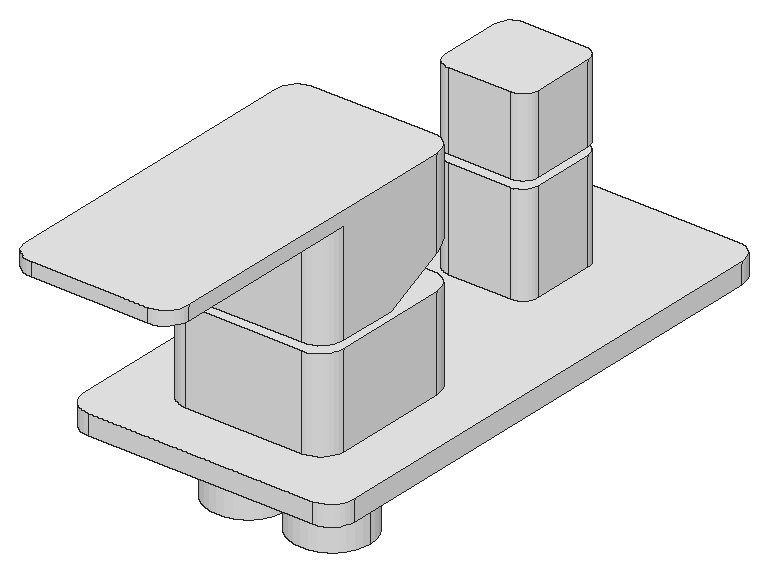
Revit family "Mixer-Bath Shower-Dorf Epic with Diverter1", category Plumbing Fixtures, host Face, Revit 2012
Parameters (values of type "Epic Bath/Shower Mixer with Diverter")
  Waste Connection = no
  Vent Connection = no
  URL = "http://www.dorf.com.au/"
  Type Comments = "Epic Bath/Shower Mixer with Diverter"  # constant formula
  Spout = 125 mm  # constant formula
  Model = "6405.04"
  Material_ANZRS = Metal-Chrome-Caroma
  Manufacturer = "Dorf"  # constant formula
  Height = 29 mm  # constant formula
  HWFU = 2
  HW Connection = yes
  Description = "Fully featured cartridge, Chrome finish"  # constant formula
  Default Elevation = 900 mm
  CreatedBy_ANZRS = "Design Content"  # constant formula
  CreatedByURL_ANZRS = "www.designcontent.com.au"
  Cost = 0
  Connector Radius = 10 mm  # constant formula
  CWFU = 2
  CW Connection = yes
  Assembly Code = "D2020300"
Reference planes
  plane 1 "Center (Front/Back)": y = 0
  plane 2: z = 0
  plane 3 "Center (Left/Right)": x = 0
  plane 4: z = 29
  plane 5: z = 61
  plane 6: z = 57.426
  plane 7: z = 31
  plane 8: z = 48.067
  plane 9: z = 40.785
  plane 10: y = -70.985
  plane 11: y = -35
  plane 12: z = 5.2
  plane 13: y = 102.03
  plane 14: y = 79.03
  plane 15: y = 55.03
  plane 16: x = -12
  plane 17: x = 12
  plane 18: z = 31
  plane 19: z = 33.05
  plane 20: z = 53.05
  plane 21: y = 67.03
Forms (mm)
  Extrusion 1, solid, material "Metal-Chrome-Caroma" <- "Material_ANZRS", detail levels fine
    sketch origin (0, 0, 0) x (1, 0, 0) y (0, 1, 0)
      loop
        arc (-29, 102.03) -> (-33.243, 100.273) -> (-35, 96.03) r 6
        line (-35, 96.03) -> (-35, -29)
        arc (-35, -29) -> (-33.243, -33.243) -> (-29, -35) r 6
        line (-29, -35) -> (29, -35)
        arc (29, -35) -> (33.243, -33.243) -> (35, -29) r 6
        line (35, -29) -> (35, 96.03)
        arc (35, 96.03) -> (33.243, 100.273) -> (29, 102.03) r 6
        line (29, 102.03) -> (-29, 102.03)
    from 0 to 5.2
  Extrusion 2, solid, material "Metal-Chrome-Caroma" <- "Material_ANZRS", detail levels fine
    sketch origin (0, 0, 0) x (1, 0, 0) y (0, 1, 0)
      loop
        arc (-15, 21.015) -> (-19.243, 19.258) -> (-21, 15.015) r 6
        line (-21, 15.015) -> (-21, -15.015)
        arc (-21, -15.015) -> (-19.243, -19.258) -> (-15, -21.015) r 6
        line (-15, -21.015) -> (15, -21.015)
        arc (15, -21.015) -> (19.243, -19.258) -> (21, -15.015) r 6
        line (21, -15.015) -> (21, 15.015)
        arc (21, 15.015) -> (19.243, 19.258) -> (15, 21.015) r 6
        line (15, 21.015) -> (-15, 21.015)
    from 3.5 to 29
  Revolve 3, solid, material "Metal-Chrome-Caroma" <- "Material_ANZRS", detail levels fine
    sketch origin (0, 0, 0) x (0, 1, 0) y (0, 0, 1)
      loop
        arc (18.208, 29) -> (12.598, 41.372) -> (0, 46.455) r 18.274
        line (0, 46.455) -> (0, 29) -> (18.208, 29)
      axis (0, 46.455) -> (0, 29)
    angle from 0 to 360
  Extrusion 4, solid, material "Metal-Chrome-Caroma" <- "Material_ANZRS", detail levels fine
    sketch origin (0, 0, 0) x (1, 0, 0) y (0, 1, 0)
      loop
        arc (-15, 21.015) -> (-19.243, 19.258) -> (-21, 15.015) r 6
        line (-21, 15.015) -> (-21, -64.985)
        arc (-21, -64.985) -> (-19.243, -69.228) -> (-15, -70.985) r 6
        line (-15, -70.985) -> (15, -70.985)
        arc (15, -70.985) -> (19.243, -69.228) -> (21, -64.985) r 6
        line (21, -64.985) -> (21, 15.015)
        arc (21, 15.015) -> (19.243, 19.258) -> (15, 21.015) r 6
        line (15, 21.015) -> (-15, 21.015)
    from 57.426 to 61
  Extrusion 5, void
    sketch origin (271, 15, 0) x (0, 1, 0) y (0, 0, -1)
      loop
        line (6.015, -40.785) -> (6.015, -31) -> (-15, -31) -> (6.015, -40.785)
    from 250 to 292
  Extrusion 6, solid, material "Metal-Chrome-Caroma" <- "Material_ANZRS", detail levels fine
    sketch origin (0, 0, 0) x (1, 0, 0) y (0, 1, 0)
      loop
        arc (-15, 21.015) -> (-19.243, 19.258) -> (-21, 15.015) r 6
        line (-21, 15.015) -> (-21, -15.015)
        arc (-21, -15.015) -> (-19.243, -19.258) -> (-15, -21.015) r 6
        line (-15, -21.015) -> (15, -21.015)
        arc (15, -21.015) -> (19.243, -19.258) -> (21, -15.015) r 6
        line (21, -15.015) -> (21, 15.015)
        arc (21, 15.015) -> (19.243, 19.258) -> (15, 21.015) r 6
        line (15, 21.015) -> (-15, 21.015)
    from 31 to 61
  Revolve 7, solid, material "Metal-Chrome-Caroma" <- "Material_ANZRS", detail levels fine
    sketch origin (0, 0, -2.135) x (0, -1, 0) y (0, 0, -1)
      loop
        arc (22.115, -48.067) -> (21.831, -46.05) -> (21, -44.191) r 7.295
        line (21, -44.191) -> (21, -48.067) -> (22.115, -48.067)
      axis (22.115, -48.067) -> (21, -48.067)
    angle from 0 to 360
  Extrusion 8, solid, material "Metal-Chrome-Caroma" <- "Material_ANZRS", detail levels fine
    sketch origin (0, 0, 0) x (1, 0, 0) y (0, 1, 0)
      loop
        arc (-12, 59.03) -> (-10.828, 56.202) -> (-8, 55.03) r 4
        line (-8, 55.03) -> (8, 55.03)
        arc (8, 55.03) -> (10.828, 56.202) -> (12, 59.03) r 4
        line (12, 59.03) -> (12, 75.03)
        arc (12, 75.03) -> (10.828, 77.858) -> (8, 79.03) r 4
        line (8, 79.03) -> (-8.019, 79.03)
        arc (-8.019, 79.03) -> (-10.834, 77.864) -> (-12, 75.049) r 3.981
        line (-12, 75.049) -> (-12, 59.03)
    from 5.2 to 31
  Extrusion 9, solid, material "Metal-Chrome-Caroma" <- "Material_ANZRS", detail levels fine
    sketch origin (0, 0, 33.145) x (1, 0, 0) y (0, 1, 0)
      loop
        arc (-12, 59.03) -> (-10.828, 56.202) -> (-8, 55.03) r 4
        line (-8, 55.03) -> (8, 55.03)
        arc (8, 55.03) -> (10.828, 56.202) -> (12, 59.03) r 4
        line (12, 59.03) -> (12, 75.03)
        arc (12, 75.03) -> (10.828, 77.858) -> (8, 79.03) r 4
        line (8, 79.03) -> (-8.019, 79.03)
        arc (-8.019, 79.03) -> (-10.834, 77.864) -> (-12, 75.049) r 3.981
        line (-12, 75.049) -> (-12, 59.03)
    from -0.095 to 19.905
  Extrusion 10, solid, material "Metal-Chrome-Caroma" <- "Material_ANZRS", detail levels fine
    sketch origin (0, 0, 0) x (1, 0, 0) y (0, 1, 0)
      loop
        circle (0, 67.03) r 8.788
    from 31 to 33.05
  Extrusion 11, solid, material "Metal-Chrome-Caroma" <- "Material_ANZRS"
    sketch origin (21.7, 0, 0) x (1, 0, 0) y (0, 1, 0)
      loop
        circle (-10.825, -6.25) r 10
    from -20 to 0
  Extrusion 12, solid, material "Metal-Chrome-Caroma" <- "Material_ANZRS"
    sketch origin (-21.651, 0, 0) x (-1, 0, 0) y (0, -1, 0)
      loop
        circle (-10.825, 6.25) r 10
    from -20 to 0
  Extrusion 13, solid, material "Metal-Chrome-Caroma" <- "Material_ANZRS"
    sketch origin (-2.905, 33.204, 0) x (1, 0, 0) y (0, 1, 0)
      loop
        circle (2.905, -20.704) r 10
    from -20 to 0
Cuts and joins
  joined: Extrusion 1, Extrusion 2
  Extrusion 5 cuts Extrusion 6
  joined: Extrusion 4, Extrusion 6
Lines and regions (mm)
  Masking region 1
    outline origin (-836.117, 213.861, 0) x (1, 0, 0) y (0, 1, 0)
      loop
        arc (815.117, -278.846) -> (816.88, -283.084) -> (821.117, -284.846) r 6.018
        line (821.117, -284.846) -> (851.117, -284.846)
        arc (851.117, -284.846) -> (855.355, -283.084) -> (857.117, -278.846) r 6.018
        line (857.117, -278.846) -> (857.117, -248.861) -> (865.117, -248.861)
        arc (865.117, -248.861) -> (869.36, -247.104) -> (871.117, -242.861) r 6
        line (871.117, -242.861) -> (871.117, -117.831)
        arc (871.117, -117.831) -> (869.36, -113.588) -> (865.117, -111.831) r 6
        line (865.117, -111.831) -> (807.117, -111.831)
        arc (807.117, -111.831) -> (802.874, -113.588) -> (801.117, -117.831) r 6
        line (801.117, -117.831) -> (801.117, -242.861)
        arc (801.117, -242.861) -> (802.874, -247.104) -> (807.117, -248.861) r 6
        line (807.117, -248.861) -> (815.117, -248.861) -> (815.117, -278.846)
  Masking region 2
    outline origin (74.844, 0, 268.026) x (1, 0, 0) y (0, 0, 1)
      loop
        line (-109.844, -268.026) -> (-39.844, -268.026) -> (-39.844, -263.326)
        arc (-39.844, -263.326) -> (-39.991, -262.972) -> (-40.344, -262.826) r 0.5
        line (-40.344, -262.826) -> (-53.844, -262.826) -> (-53.844, -239.526)
        arc (-53.844, -239.526) -> (-53.991, -239.172) -> (-54.344, -239.026) r 0.5
        line (-54.344, -239.026) -> (-56.362, -239.026)
        arc (-56.362, -239.026) -> (-56.435, -238.023) -> (-56.563, -237.026) r 18.494
        line (-56.563, -237.026) -> (-53.844, -237.026) -> (-53.844, -207.526)
        arc (-53.844, -207.526) -> (-53.991, -207.172) -> (-54.344, -207.026) r 0.5
        line (-54.344, -207.026) -> (-95.344, -207.026)
        arc (-95.344, -207.026) -> (-95.698, -207.172) -> (-95.844, -207.526) r 0.5
        line (-95.844, -207.526) -> (-95.844, -237.026) -> (-93.126, -237.026)
        arc (-93.126, -237.026) -> (-93.253, -238.023) -> (-93.326, -239.026) r 18.494
        line (-93.326, -239.026) -> (-95.344, -239.026)
        arc (-95.344, -239.026) -> (-95.698, -239.172) -> (-95.844, -239.526) r 0.5
        line (-95.844, -239.526) -> (-95.844, -262.826) -> (-109.344, -262.826)
        arc (-109.344, -262.826) -> (-109.698, -262.972) -> (-109.844, -263.326) r 0.5
        line (-109.844, -263.326) -> (-109.844, -268.026)
  Masking region 3
    outline origin (0, -946.28, 1362.605) x (0, 1, 0) y (0, 0, 1)
      loop
        line (1048.31, -1362.605) -> (1048.31, -1357.905)
        arc (1048.31, -1357.905) -> (1048.163, -1357.551) -> (1047.81, -1357.405) r 0.5
        line (1047.81, -1357.405) -> (1025.31, -1357.405) -> (1025.31, -1332.105)
        arc (1025.31, -1332.105) -> (1025.163, -1331.751) -> (1024.81, -1331.605) r 0.5
        line (1024.81, -1331.605) -> (1022.598, -1331.605)
        arc (1022.598, -1331.605) -> (1022.244, -1331.458) -> (1022.098, -1331.105) r 0.5
        line (1022.098, -1331.105) -> (1022.098, -1329.555) -> (1024.81, -1329.555)
        arc (1024.81, -1329.555) -> (1025.163, -1329.408) -> (1025.31, -1329.055) r 0.5
        line (1025.31, -1329.055) -> (1025.31, -1310.055)
        arc (1025.31, -1310.055) -> (1025.163, -1309.701) -> (1024.81, -1309.555) r 0.5
        line (1024.81, -1309.555) -> (1001.81, -1309.555)
        arc (1001.81, -1309.555) -> (1001.456, -1309.701) -> (1001.31, -1310.055) r 0.5
        line (1001.31, -1310.055) -> (1001.31, -1329.055)
        arc (1001.31, -1329.055) -> (1001.456, -1329.408) -> (1001.81, -1329.555) r 0.5
        line (1001.81, -1329.555) -> (1004.522, -1329.555) -> (1004.522, -1331.105)
        arc (1004.522, -1331.105) -> (1004.375, -1331.458) -> (1004.022, -1331.605) r 0.5
        line (1004.022, -1331.605) -> (1001.81, -1331.605)
        arc (1001.81, -1331.605) -> (1001.456, -1331.751) -> (1001.31, -1332.105) r 0.5
        line (1001.31, -1332.105) -> (1001.31, -1357.405) -> (967.28, -1357.405) -> (967.28, -1334.105)
        arc (967.28, -1334.105) -> (967.133, -1333.751) -> (966.78, -1333.605) r 0.5
        line (966.78, -1333.605) -> (964.762, -1333.605)
        arc (964.762, -1333.605) -> (963.895, -1328.793) -> (961.798, -1324.376) r 18.494
        line (961.798, -1324.376) -> (967.28, -1321.819) -> (967.28, -1302.105)
        arc (967.28, -1302.105) -> (967.133, -1301.751) -> (966.78, -1301.605) r 0.5
        line (966.78, -1301.605) -> (875.795, -1301.605)
        arc (875.795, -1301.605) -> (875.441, -1301.751) -> (875.295, -1302.105) r 0.5
        line (875.295, -1302.105) -> (875.295, -1304.679)
        arc (875.295, -1304.679) -> (875.441, -1305.032) -> (875.795, -1305.179) r 0.5
        line (875.795, -1305.179) -> (919.27, -1305.179)
        arc (919.27, -1305.179) -> (923.52, -1306.939) -> (925.28, -1311.188) r 6.01
        line (925.28, -1311.188) -> (925.28, -1312.76)
        arc (925.28, -1312.76) -> (924.165, -1316.636) -> (925.28, -1320.513) r 7.295
        line (925.28, -1320.513) -> (925.28, -1331.605) -> (927.998, -1331.605)
        arc (927.998, -1331.605) -> (927.871, -1332.602) -> (927.798, -1333.605) r 18.494
        line (927.798, -1333.605) -> (925.78, -1333.605)
        arc (925.78, -1333.605) -> (925.426, -1333.751) -> (925.28, -1334.105) r 0.5
        line (925.28, -1334.105) -> (925.28, -1357.405) -> (911.78, -1357.405)
        arc (911.78, -1357.405) -> (911.426, -1357.551) -> (911.28, -1357.905) r 0.5
        line (911.28, -1357.905) -> (911.28, -1362.605) -> (1048.31, -1362.605)
  symbolic lines
    curve 1: line (-21, 0, 5.2) -> (21, 0, 5.2)
    curve 2: line (-18.482, 0, 29) -> (18.482, 0, 29)
    curve 3: line (-18.282, 0, 31) -> (18.282, 0, 31)
    curve 4: line (-20.5, 0, 57.426) -> (20.5, 0, 57.426)
    curve 5: arc (-21, 0, 57.926) -> (-20.854, 0, 57.573) -> (-20.5, 0, 57.426) r 0.5
    curve 6: arc (20.5, 0, 57.426) -> (20.854, 0, 57.573) -> (21, 0, 57.926) r 0.5
    curve 7: line (0, 15.518, 38.229) -> (0, 0.015, 31)
    curve 8: line (0, 0.015, 31) -> (0, -18.282, 31)
    curve 9: line (0, 21, 44.191) -> (0, 21, 51.944)
    curve 10: line (0, 18.482, 29) -> (0, -18.482, 29)
    curve 11: line (0, 21, 5.2) -> (0, -21, 5.2)
    curve 12: line (-21, 15.015, 0) -> (-21, -64.985, 0)
    curve 13: line (21, -64.985, 0) -> (21, 15.015, 0)
    curve 14: arc (21, 15.015, 0) -> (19.243, 19.258, 0) -> (15, 21.015, 0) r 6
    curve 15: line (15, 21.015, 0) -> (-15, 21.015, 0)
    curve 16: arc (-15, 21.015, 0) -> (-19.243, 19.258, 0) -> (-21, 15.015, 0) r 6
    curve 18: arc (-8.019, 79.03, 0) -> (-10.834, 77.864, 0) -> (-12, 75.049, 0) r 3.981
    curve 19: line (8, 79.03, 0) -> (-8.019, 79.03, 0)
    curve 20: arc (12, 75.03, 0) -> (10.828, 77.858, 0) -> (8, 79.03, 0) r 4
    curve 21: line (12, 59.03, 0) -> (12, 75.03, 0)
    curve 22: arc (8, 55.03, 0) -> (10.828, 56.202, 0) -> (12, 59.03, 0) r 4
    curve 23: line (-8, 55.03, 0) -> (8, 55.03, 0)
    curve 24: arc (-12, 59.03, 0) -> (-10.828, 56.202, 0) -> (-8, 55.03, 0) r 4
    curve 25: line (-12, 75.049, 0) -> (-12, 59.03, 0)
    curve 27: line (0, 75.818, 33.05) -> (0, 58.242, 33.05)
    curve 28: line (0, 76.318, 31) -> (0, 57.742, 31)
  model lines
    curve 17: line (0, 75.818, 33.05) -> (0, 58.242, 33.05)
  symbolic lines, style "PlumbingFixtures"
    curve 26: line (0, 75.818, 31.5) -> (0, 58.242, 31.5)
Dimensions and locks
  "Height": plane 4 to level
  locked: plane 7 to plane 4 at 2
  locked: plane 6 to plane 4 at 28.426
  locked: plane 5 to plane 4 at 32
  locked: plane 8 to plane 4 at 19.067
  locked: plane 9 to plane 4 at 11.785
  locked: plane 1 "Center (Front/Back)" to plane 10 at 70.985
  aligned and locked: plane 2 to host face
  aligned and locked: level to host face
  aligned and locked: curve 8 to plane 7
  aligned and locked: curve 10 to plane 4
  aligned and locked: cut or joined group of Extrusion 4, Extrusion 5, Extrusion 6 to plane 7
  aligned and locked: cut or joined group of Extrusion 4, Extrusion 5, Extrusion 6 to plane 6
  aligned and locked: plane 5 to cut or joined group of Extrusion 4, Extrusion 5, Extrusion 6
  aligned and locked: Extrusion 4 to plane 6
  aligned and locked: Extrusion 4 to Extrusion 6
  aligned and locked: Extrusion 6 to plane 7
  aligned and locked: plane 4 to Revolve 3
  aligned and locked: Extrusion 5 to cut or joined group of Extrusion 1, Extrusion 2
  aligned and locked: Extrusion 5 sketch curve to plane 7
  aligned and locked: plane 9 to Extrusion 5 sketch curve
  aligned and locked: plane 1 "Center (Front/Back)" to Extrusion 5 sketch curve
  aligned and locked: plane 5 to Masking region 3 sketch curve
  aligned and locked: plane 6 to Masking region 3 sketch curve
  aligned and locked: Masking region 3 sketch curve to plane 7
  aligned and locked: plane 4 to Masking region 3 sketch curve  (x2)
  aligned and locked: plane 10 to Masking region 3 sketch curve
  aligned and locked: plane 4 to cut or joined group of Extrusion 1, Extrusion 2
Automatic sketch dimensions
  plane 16 to curve 12 = 9 mm
  plane 16 to curve 16 = 3 mm
  curve 14 to plane 17 = 3 mm
  curve 14 to curve 14 = 6 mm
  curve 12 to plane 10 = 6 mm
  curve 13 to plane 10 = 6 mm
  curve 12 to plane 1 "Center (Front/Back)" = 15.015 mm
  curve 1 to plane 12 = 0 mm
  curve 4 to plane 6 = 0 mm
  curve 2 to plane 4 = 0 mm
  curve 3 to plane 7 = 0 mm
  plane 6 to curve 5 = 0.5 mm
  plane 16 to curve 5 = 9 mm
  plane 16 to curve 1 = 9 mm
  plane 16 to curve 2 = 6.482 mm
  curve 2 to curve 3 = 0.201 mm
  curve 3 to plane 17 = 6.282 mm
  curve 3 to curve 2 = 0.201 mm
  curve 6 to plane 17 = 8.5 mm
  plane 6 to curve 6 = 0.5 mm
  curve 1 to plane 17 = 9 mm
  host sketch curve to host sketch curve = 2438.4 mm  (x2)
  plane 11 to Masking region 1 sketch curve = 0 mm  (x2)
  plane 13 to Masking region 1 sketch curve = 0 mm
  plane 13 to Masking region 1 sketch curve = 6 mm  (x2)
  plane 16 to Masking region 1 sketch curve = 23 mm
  Masking region 1 sketch curve to Masking region 1 sketch curve = 6 mm  (x2)
  Masking region 1 sketch curve to plane 10 = 6 mm  (x2)
  plane 16 to Masking region 1 sketch curve = 9 mm
  plane 10 to Masking region 1 sketch curve = 0 mm
  plane 16 to Masking region 1 sketch curve = 3 mm
  plane 16 to Masking region 1 sketch curve = 2.982 mm
  Masking region 1 sketch curve to plane 17 = 2.982 mm
  Masking region 1 sketch curve to plane 17 = 3 mm
  Masking region 1 sketch curve to Masking region 1 sketch curve = 6.018 mm
  Masking region 1 sketch curve to plane 17 = 17 mm
  Masking region 2 sketch curve to level = 0 mm
  Masking region 2 sketch curve to plane 12 = 0 mm  (x2)
  Masking region 2 sketch curve to plane 7 = 0 mm  (x2)
  Masking region 2 sketch curve to plane 4 = 0 mm  (x2)
  Masking region 2 sketch curve to plane 5 = 0 mm
  plane 12 to Masking region 2 sketch curve = 0.5 mm
  plane 16 to Masking region 2 sketch curve = 23 mm
  plane 16 to Masking region 2 sketch curve = 9 mm
  Masking region 2 sketch curve to Masking region 2 sketch curve = 0 mm
  Masking region 2 sketch curve to Masking region 2 sketch curve = 0.5 mm  (x4)
  Masking region 2 sketch curve to Masking region 2 sketch curve = 2.018 mm  (x2)
  Masking region 2 sketch curve to Masking region 2 sketch curve = 0.201 mm  (x2)
  Masking region 2 sketch curve to plane 3 "Center (Left/Right)" = 0.008 mm
  plane 3 "Center (Left/Right)" to Masking region 2 sketch curve = 0.008 mm
  Masking region 2 sketch curve to plane 17 = 6.282 mm
  Masking region 2 sketch curve to plane 17 = 8.5 mm
  Masking region 2 sketch curve to plane 17 = 9 mm
  Masking region 2 sketch curve to Masking region 2 sketch curve = 13.5 mm
  plane 13 to Extrusion 1 sketch curve = 0 mm
  plane 11 to Extrusion 1 sketch curve = 0 mm
  Extrusion 1 sketch curve to plane 11 = 6 mm  (x2)
  plane 16 to Extrusion 1 sketch curve = 23 mm
  Extrusion 1 sketch curve to Extrusion 1 sketch curve = 6 mm
  Extrusion 1 sketch curve to plane 17 = 17 mm  (x2)
  plane 16 to Extrusion 2 sketch curve = 9 mm
  plane 16 to Extrusion 2 sketch curve = 3 mm  (x2)
  Extrusion 2 sketch curve to plane 17 = 3 mm  (x2)
  Extrusion 2 sketch curve to Extrusion 2 sketch curve = 6 mm
  Extrusion 2 sketch curve to plane 11 = 13.985 mm
  Extrusion 2 sketch curve to plane 1 "Center (Front/Back)" = 15.015 mm
  Revolve 3 sketch curve to plane 1 "Center (Front/Back)" = 0 mm  (x2)
  plane 4 to Revolve 3 sketch curve = 0 mm
  plane 1 "Center (Front/Back)" to Revolve 3 sketch curve = 0.047 mm
  Revolve 3 sketch curve to plane 4 = 0.819 mm
  Revolve 3 sketch curve to level = 609.6 mm
  plane 5 to Revolve 3 sketch curve = 2178.307 mm
  plane 16 to Extrusion 4 sketch curve = 9 mm
  plane 16 to Extrusion 4 sketch curve = 3 mm  (x2)
  plane 10 to Extrusion 4 sketch curve = 0 mm
  Extrusion 4 sketch curve to plane 17 = 3 mm  (x2)
  Extrusion 4 sketch curve to Extrusion 4 sketch curve = 6 mm
  Extrusion 4 sketch curve to plane 1 "Center (Front/Back)" = 15.015 mm
  plane 16 to Extrusion 6 sketch curve = 9 mm
  plane 16 to Extrusion 6 sketch curve = 3 mm  (x2)
  Extrusion 6 sketch curve to plane 17 = 3 mm  (x2)
  Extrusion 6 sketch curve to Extrusion 6 sketch curve = 6 mm
  Extrusion 6 sketch curve to plane 11 = 13.985 mm
  Extrusion 6 sketch curve to plane 1 "Center (Front/Back)" = 15.015 mm
  Revolve 7 sketch curve to plane 8 = 2.135 mm  (x2)
  plane 1 "Center (Front/Back)" to Revolve 7 sketch curve = 14.141 mm
  Revolve 7 sketch curve to Revolve 7 sketch curve = 0.679 mm
  Revolve 7 sketch curve to Revolve 7 sketch curve = 6.18 mm
  Revolve 7 sketch curve to Revolve 7 sketch curve = 1.115 mm
  Revolve 7 sketch curve to Revolve 7 sketch curve = 0 mm
  Extrusion 8 sketch curve to plane 16 = 0 mm
  Extrusion 8 sketch curve to plane 14 = 0 mm
  Extrusion 8 sketch curve to plane 15 = 0 mm
  Extrusion 8 sketch curve to plane 17 = 0 mm
  Extrusion 8 sketch curve to plane 16 = 3.981 mm
  Extrusion 8 sketch curve to plane 16 = 4 mm
  plane 17 to Extrusion 8 sketch curve = 4 mm  (x2)
  Extrusion 9 sketch curve to plane 16 = 0 mm
  Extrusion 9 sketch curve to plane 14 = 0 mm
  Extrusion 9 sketch curve to plane 15 = 0 mm
  Extrusion 9 sketch curve to plane 17 = 0 mm
  Extrusion 9 sketch curve to plane 16 = 3.981 mm
  Extrusion 9 sketch curve to plane 16 = 4 mm
  plane 17 to Extrusion 9 sketch curve = 4 mm  (x2)
  Extrusion 10 sketch curve to plane 3 "Center (Left/Right)" = 0 mm
  Extrusion 10 sketch curve to plane 21 = 0 mm
  Revolve 3 sketch curve to Revolve 3 sketch curve = 18.208 mm
  Extrusion 5 sketch curve to Extrusion 5 sketch curve = 21.015 mm
  Masking region 3 sketch curve to level = 0 mm
  Masking region 3 sketch curve to plane 11 = 0 mm
  Masking region 3 sketch curve to plane 12 = 0 mm
  plane 9 to Masking region 3 sketch curve = 0 mm
  plane 15 to Masking region 3 sketch curve = 0.5 mm  (x3)
  Masking region 3 sketch curve to plane 19 = 0 mm  (x2)
  Masking region 3 sketch curve to plane 18 = 0 mm  (x2)
  Masking region 3 sketch curve to plane 14 = 0 mm  (x2)
  Masking region 3 sketch curve to plane 13 = 0 mm
  Masking region 3 sketch curve to plane 10 = 0.5 mm  (x2)
  Masking region 3 sketch curve to plane 11 = 0.5 mm
  plane 20 to Masking region 3 sketch curve = 1.633 mm
  Masking region 3 sketch curve to plane 11 = 7.99 mm
  Masking region 3 sketch curve to Masking region 3 sketch curve = 0 mm  (x2)
  Masking region 3 sketch curve to plane 4 = 0.5 mm
  Masking region 3 sketch curve to Masking region 3 sketch curve = 2.018 mm  (x2)
  Masking region 3 sketch curve to Masking region 3 sketch curve = 0.201 mm
  Masking region 3 sketch curve to plane 8 = 2.099 mm
  Masking region 3 sketch curve to Masking region 3 sketch curve = 6.18 mm
  plane 1 "Center (Front/Back)" to Masking region 3 sketch curve = 0.008 mm
  Masking region 3 sketch curve to plane 1 "Center (Front/Back)" = 0.008 mm
  Masking region 3 sketch curve to plane 9 = 2.556 mm
  Masking region 3 sketch curve to plane 1 "Center (Front/Back)" = 15.518 mm
  Masking region 3 sketch curve to Masking region 3 sketch curve = 2.965 mm
  Masking region 3 sketch curve to plane 1 "Center (Front/Back)" = 20.5 mm
  Masking region 3 sketch curve to Masking region 3 sketch curve = 0.5 mm  (x2)
  Masking region 3 sketch curve to plane 15 = 0 mm  (x2)
  Masking region 3 sketch curve to plane 18 = 0.5 mm  (x2)
  Masking region 3 sketch curve to Masking region 3 sketch curve = 2.212 mm
  Masking region 3 sketch curve to plane 14 = 3.212 mm
  Masking region 3 sketch curve to plane 7 = 0.5 mm
  Masking region 3 sketch curve to plane 14 = 0.5 mm  (x2)
  plane 13 to Masking region 3 sketch curve = 0.5 mm
  plane 9 to Masking region 3 sketch curve = 1.307 mm
  plane 12 to Masking region 3 sketch curve = 0 mm  (x2)
  Masking region 3 sketch curve to plane 20 = 0 mm
  curve 18 to plane 16 = 3.981 mm
  plane 17 to curve 19 = 4 mm
  curve 20 to plane 17 = 0 mm
  plane 15 to curve 21 = 4 mm
  curve 22 to plane 15 = 0 mm
  curve 23 to plane 16 = 4 mm
  curve 24 to plane 16 = 0 mm
  curve 19 to plane 14 = 0 mm
  curve 11 to plane 12 = 0 mm
  curve 28 to plane 18 = 0 mm
  curve 27 to plane 19 = 0 mm
  curve 11 to plane 11 = 14 mm
  curve 10 to plane 11 = 16.518 mm
  curve 10 to curve 8 = 0.201 mm
  curve 8 to plane 1 "Center (Front/Back)" = 0.015 mm
  curve 7 to plane 9 = 2.556 mm
  curve 7 to plane 1 "Center (Front/Back)" = 15.518 mm
  curve 7 to curve 10 = 2.965 mm
  curve 11 to plane 1 "Center (Front/Back)" = 21 mm
  plane 9 to curve 9 = 3.405 mm
  curve 7 to curve 9 = 5.482 mm
  plane 15 to curve 28 = 2.712 mm
  curve 28 to curve 27 = 0.5 mm
  curve 28 to curve 26 = 0.5 mm
  curve 27 to plane 14 = 3.212 mm
  curve 26 to plane 18 = 0.5 mm
  curve 26 to curve 17 = 0 mm
  curve 26 to curve 28 = 0.5 mm
  plane 20 to curve 9 = 1.106 mm
  plane 17 to Extrusion 11 sketch curve = 1.125 mm
  plane 1 "Center (Front/Back)" to Extrusion 11 sketch curve = 6.25 mm
  Extrusion 12 sketch curve to plane 16 = 1.175 mm
  plane 1 "Center (Front/Back)" to Extrusion 12 sketch curve = 6.25 mm
  Extrusion 13 sketch curve to plane 3 "Center (Left/Right)" = 0 mm
  Extrusion 13 sketch curve to plane 1 "Center (Front/Back)" = 12.5 mm
  radius of Extrusion 10 sketch curve = 8.788 mm
  radius of Extrusion 11 sketch curve = 10 mm
  radius of Extrusion 12 sketch curve = 10 mm
  radius of Extrusion 13 sketch curve = 10 mm
Connectors
  piping at (10.875, -6.25, -20), driven by "Connector Radius", driven by "CWFU"
    settings: on Extrusion 11, index 12, connector radius 0.3937", flow factor 0, pipe flow 0 GPM, pressure drop 0.00 psi, fitting loss kfactor 0, connector angle 0.00°, fixture units 2, engagement length 0 mm, flow configuration 3, flow direction 1, fitting loss method 1, system type 20, joint type 0, gender type 0, connector reference index -1, connector utility 0, adjustable connector no, is connector primary yes, fitting loss table "", connector description ""
  piping at (-10.825, -6.25, -20), driven by "Connector Radius", driven by "HWFU"
    settings: on Extrusion 12, index 13, connector radius 0.3937", flow factor 0, pipe flow 0 GPM, pressure drop 0.00 psi, fitting loss kfactor 0, connector angle 0.00°, fixture units 2, engagement length 0 mm, flow configuration 3, flow direction 1, fitting loss method 1, system type 19, joint type 0, gender type 0, connector reference index -1, connector utility 0, adjustable connector no, is connector primary no, fitting loss table "", connector description ""
  piping at (0, 12.5, -20), driven by "Connector Radius", driven by "HWFU"
    settings: on Extrusion 13, index 14, connector radius 0.3937", flow factor 0, pipe flow 0 GPM, pressure drop 0.00 psi, fitting loss kfactor 0, connector angle 0.00°, fixture units 2, engagement length 0 mm, flow configuration 3, flow direction 2, fitting loss method 1, system type 19, joint type 0, gender type 0, connector reference index -1, connector utility 0, adjustable connector no, is connector primary no, fitting loss table "", connector description ""
